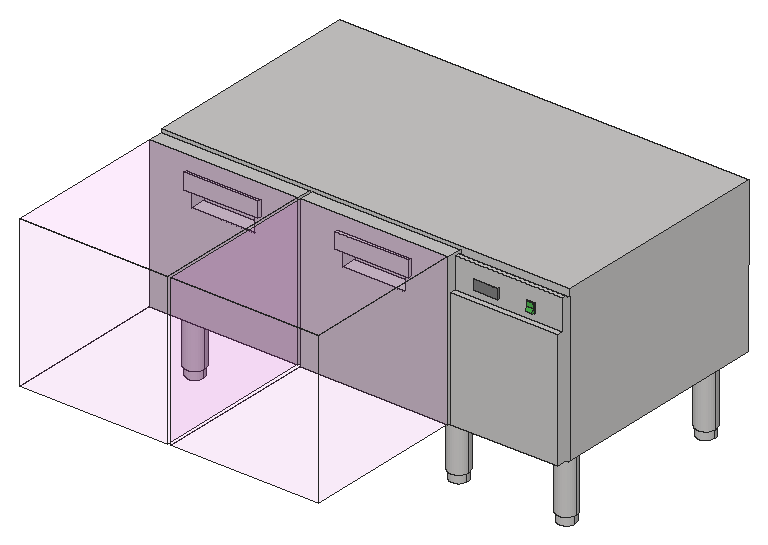
Revit family "QF_ELECTROLUXPROFESSIONAL_371370_E7TTAPCOMIN", category Specialty Equipment, Revit 2018 (continued)
Automatic sketch dimensions
  Split face 149 sketch curve to Split face 149 sketch curve = 4 mm
  Split face 150 sketch curve to Extrusion 4 = 25.004 mm
  Split face 150 sketch curve to Extrusion 4 = 54.499 mm
  Split face 150 sketch curve to Split face 150 sketch curve = 0.02 mm  (x2)
  Split face 150 sketch curve to Extrusion 4 = 22.519 mm
  Split face 150 sketch curve to Split face 150 sketch curve = 4 mm
  Split face 151 sketch curve to Extrusion 4 = 24.901 mm
  Split face 151 sketch curve to Extrusion 4 = 54.499 mm
  Split face 151 sketch curve to Split face 151 sketch curve = 0.02 mm  (x2)
  Split face 151 sketch curve to Extrusion 4 = 22.519 mm
  Split face 151 sketch curve to Split face 151 sketch curve = 4 mm
  plane 4 to Extrusion 8 sketch curve = 1.587 mm
  Extrusion 8 sketch curve to plane 3 "Centro (Sinistra/Destra)" = 156.499 mm
  Extrusion 8 sketch curve to plane 17 = 8.498 mm
  Extrusion 8 sketch curve to plane 5 "TOP" = 9.006 mm
  Split face 152 sketch curve to Extrusion 4 = 20.5 mm
  Split face 152 sketch curve to Split face 152 sketch curve = 0.02 mm  (x2)
  Split face 152 sketch curve to Split face 152 sketch curve = 31.959 mm
  Split face 152 sketch curve to Extrusion 4 = 140.797 mm
  Split face 152 sketch curve to Split face 152 sketch curve = 4 mm
  Split face 153 sketch curve to Extrusion 4 = 20.5 mm
  Split face 153 sketch curve to Split face 153 sketch curve = 0.02 mm  (x2)
  Split face 153 sketch curve to Split face 153 sketch curve = 31.959 mm
  Split face 153 sketch curve to Extrusion 4 = 152.797 mm
  Split face 153 sketch curve to Split face 153 sketch curve = 4 mm
  Split face 154 sketch curve to Extrusion 4 = 20.5 mm
  Split face 154 sketch curve to Split face 154 sketch curve = 0.02 mm  (x2)
  Split face 154 sketch curve to Split face 154 sketch curve = 31.959 mm
  Split face 154 sketch curve to Extrusion 4 = 148.203 mm
  Split face 154 sketch curve to Split face 154 sketch curve = 4 mm
  Split face 155 sketch curve to Extrusion 4 = 65.502 mm
  Split face 155 sketch curve to Split face 155 sketch curve = 0.02 mm  (x2)
  Split face 155 sketch curve to Split face 155 sketch curve = 31.959 mm
  Split face 155 sketch curve to Extrusion 4 = 140.797 mm
  Split face 155 sketch curve to Split face 155 sketch curve = 4 mm
  Split face 156 sketch curve to Extrusion 4 = 65.502 mm
  Split face 156 sketch curve to Split face 156 sketch curve = 0.02 mm  (x2)
  Split face 156 sketch curve to Split face 156 sketch curve = 31.959 mm
  Split face 156 sketch curve to Extrusion 4 = 152.797 mm
  Split face 156 sketch curve to Split face 156 sketch curve = 4 mm
  Split face 157 sketch curve to Extrusion 4 = 65.502 mm
  Split face 157 sketch curve to Split face 157 sketch curve = 0.02 mm  (x2)
  Split face 157 sketch curve to Split face 157 sketch curve = 31.959 mm
  Split face 157 sketch curve to Extrusion 4 = 148.203 mm
  Split face 157 sketch curve to Split face 157 sketch curve = 4 mm
  Split face 158 sketch curve to Extrusion 4 = 110.502 mm
  Split face 158 sketch curve to Split face 158 sketch curve = 0.02 mm  (x2)
  Split face 158 sketch curve to Split face 158 sketch curve = 31.959 mm
  Split face 158 sketch curve to Extrusion 4 = 140.797 mm
  Split face 158 sketch curve to Split face 158 sketch curve = 4 mm
  Split face 159 sketch curve to Extrusion 4 = 110.502 mm
  Split face 159 sketch curve to Split face 159 sketch curve = 0.02 mm  (x2)
  Split face 159 sketch curve to Split face 159 sketch curve = 31.959 mm
  Split face 159 sketch curve to Extrusion 4 = 152.797 mm
  Split face 159 sketch curve to Split face 159 sketch curve = 4 mm
  Split face 160 sketch curve to Extrusion 4 = 110.502 mm
  Split face 160 sketch curve to Split face 160 sketch curve = 0.02 mm  (x2)
  Split face 160 sketch curve to Split face 160 sketch curve = 31.959 mm
  Split face 160 sketch curve to Extrusion 4 = 148.203 mm
  Split face 160 sketch curve to Split face 160 sketch curve = 4 mm
  Split face 161 sketch curve to Extrusion 4 = 155.502 mm
  Split face 161 sketch curve to Split face 161 sketch curve = 0.02 mm  (x2)
  Split face 161 sketch curve to Split face 161 sketch curve = 31.959 mm
  Split face 161 sketch curve to Extrusion 4 = 140.797 mm
  Split face 161 sketch curve to Split face 161 sketch curve = 4 mm
  Split face 162 sketch curve to Extrusion 4 = 155.502 mm
  Split face 162 sketch curve to Split face 162 sketch curve = 0.02 mm  (x2)
  Split face 162 sketch curve to Split face 162 sketch curve = 31.959 mm
  Split face 162 sketch curve to Extrusion 4 = 152.797 mm
  Split face 162 sketch curve to Split face 162 sketch curve = 4 mm
  Split face 163 sketch curve to Extrusion 4 = 155.502 mm
  Split face 163 sketch curve to Split face 163 sketch curve = 0.02 mm  (x2)
  Split face 163 sketch curve to Split face 163 sketch curve = 31.959 mm
  Split face 163 sketch curve to Extrusion 4 = 148.203 mm
  Split face 163 sketch curve to Split face 163 sketch curve = 4 mm
  Split face 164 sketch curve to Extrusion 4 = 144.498 mm
  Split face 164 sketch curve to Split face 164 sketch curve = 0.02 mm  (x2)
  Split face 164 sketch curve to Split face 164 sketch curve = 31.959 mm
  Split face 164 sketch curve to Extrusion 4 = 140.797 mm
  Split face 164 sketch curve to Split face 164 sketch curve = 4 mm
  Split face 165 sketch curve to Extrusion 4 = 144.498 mm
  Split face 165 sketch curve to Split face 165 sketch curve = 0.02 mm  (x2)
  Split face 165 sketch curve to Split face 165 sketch curve = 31.959 mm
  Split face 165 sketch curve to Extrusion 4 = 152.797 mm
  Split face 165 sketch curve to Split face 165 sketch curve = 4 mm
  Split face 166 sketch curve to Extrusion 4 = 144.498 mm
  Split face 166 sketch curve to Split face 166 sketch curve = 0.02 mm  (x2)
  Split face 166 sketch curve to Split face 166 sketch curve = 31.959 mm
  Split face 166 sketch curve to Extrusion 4 = 148.203 mm
  Split face 166 sketch curve to Split face 166 sketch curve = 4 mm
  Split face 167 sketch curve to Extrusion 4 = 99.499 mm
  Split face 167 sketch curve to Split face 167 sketch curve = 0.02 mm  (x2)
  Split face 167 sketch curve to Split face 167 sketch curve = 31.959 mm
  Split face 167 sketch curve to Extrusion 4 = 140.797 mm
  Split face 167 sketch curve to Split face 167 sketch curve = 4 mm
  Split face 168 sketch curve to Extrusion 4 = 99.499 mm
  Split face 168 sketch curve to Split face 168 sketch curve = 0.02 mm  (x2)
  Split face 168 sketch curve to Split face 168 sketch curve = 31.959 mm
  Split face 168 sketch curve to Extrusion 4 = 152.797 mm
  Split face 168 sketch curve to Split face 168 sketch curve = 4 mm
  Split face 169 sketch curve to Extrusion 4 = 99.499 mm
  Split face 169 sketch curve to Split face 169 sketch curve = 0.02 mm  (x2)
  Split face 169 sketch curve to Split face 169 sketch curve = 31.959 mm
  Split face 169 sketch curve to Extrusion 4 = 148.203 mm
  Split face 169 sketch curve to Split face 169 sketch curve = 4 mm
  Split face 170 sketch curve to Extrusion 4 = 54.499 mm
  Split face 170 sketch curve to Split face 170 sketch curve = 0.02 mm  (x2)
  Split face 170 sketch curve to Extrusion 4 = 22.519 mm
  Split face 170 sketch curve to Extrusion 4 = 140.797 mm
  Split face 170 sketch curve to Split face 170 sketch curve = 4 mm
  Split face 171 sketch curve to Extrusion 4 = 54.499 mm
  Split face 171 sketch curve to Split face 171 sketch curve = 0.02 mm  (x2)
  Split face 171 sketch curve to Extrusion 4 = 22.519 mm
  Split face 171 sketch curve to Extrusion 4 = 152.797 mm
  Split face 171 sketch curve to Split face 171 sketch curve = 4 mm
  Split face 172 sketch curve to Extrusion 4 = 54.499 mm
  Split face 172 sketch curve to Split face 172 sketch curve = 0.02 mm  (x2)
  Split face 172 sketch curve to Extrusion 4 = 22.519 mm
  Split face 172 sketch curve to Extrusion 4 = 148.203 mm
  Split face 172 sketch curve to Split face 172 sketch curve = 4 mm
  Extrusion 9 sketch curve to Extrusion 2 = 15 mm  (x2)
  Extrusion 2 to Extrusion 9 sketch curve = 31.031 mm
  Extrusion 9 sketch curve to Extrusion 2 = 13.969 mm
  plane 4 to Extrusion 10 sketch curve = 1.587 mm
  Extrusion 10 sketch curve to plane 17 = 8.498 mm
  Extrusion 10 sketch curve to plane 14 = 75.198 mm
  Extrusion 10 sketch curve to plane 3 "Centro (Sinistra/Destra)" = 32.799 mm
  Extrusion 10 sketch curve to plane 3 "Centro (Sinistra/Destra)" = 156.499 mm
  Extrusion 10 sketch curve to plane 5 "TOP" = 143.294 mm
  Extrusion 10 sketch curve to plane 5 "TOP" = 65 mm
  Extrusion 10 sketch curve to plane 5 "TOP" = 9.006 mm
  Extrusion 11 sketch curve to Extrusion 10 = 15 mm  (x2)
  Extrusion 10 to Extrusion 11 sketch curve = 31.031 mm
  Extrusion 11 sketch curve to Extrusion 10 = 13.969 mm
  Extrusion 1 sketch curve to plane 18 = 0 mm
  Extrusion 1 sketch curve to plane 9 "RIGHT" = 1 mm
  Extrusion 12 sketch curve to plane 20 = 0 mm
  Extrusion 12 sketch curve to plane 21 = 0 mm
  curve 1 to plane 6 "BACK" = 0 mm
  curve 1 to plane 18 = 0 mm
  curve 17 to plane 10 = 0 mm
  curve 15 to plane 18 = 0 mm
  curve 5 to plane 11 = 0 mm
  curve 3 to plane 19 = 0 mm
  curve 13 to plane 3 "Centro (Sinistra/Destra)" = 164.999 mm
  curve 9 to curve 10 = 8.5 mm
  curve 12 to plane 17 = 8.498 mm
  curve 10 to plane 7 "FRONT" = 123 mm
  curve 9 to plane 7 "FRONT" = 123 mm
  curve 13 to curve 9 = 40 mm
  curve 16 to curve 10 = 40 mm
  curve 2 to curve 5 = 20 mm
  curve 6 to curve 9 = 20 mm
  curve 10 to curve 7 = 20 mm
  curve 8 to curve 10 = 20 mm
  radius of Split face 2 sketch curve = 1.2 mm
  radius of Split face 3 sketch curve = 1.2 mm
  radius of Split face 4 sketch curve = 1.2 mm
  radius of Split face 5 sketch curve = 1.2 mm
  radius of Split face 6 sketch curve = 1.2 mm
  radius of Split face 7 sketch curve = 1.2 mm
  radius of Extrusion 12 sketch curve = 6 mm
Nested families
  nested 1: "Foot H200" at (-545, -249, 0), type "Foot H200"
  nested 2: "Foot H200" at (-545, 262, 0), type "Foot H200"
  nested 3: "Foot H200" at (229, -249, 0) x (-1, 0, 0) z (0, 0, 1), type "Foot H200"
  nested 4: "Foot H200" at (229, 262, 0) x (-1, 0, 0) z (0, 0, 1), type "Foot H200"
  nested 5: "Foot H200" at (545, -249, 0) x (-1, 0, 0) z (0, 0, 1), type "Foot H200"
  nested 6: "Foot H200" at (545, 262, 0) x (-1, 0, 0) z (0, 0, 1), type "Foot H200"
  nested 7: "01_Refrigerator" at (350, -150, 0), type "01_Refrigerator"
Connectors
  electrical at (560, 190, 189.987)
    settings: on Extrusion 12, index 1, voltage 0 V, apparent load 0 VA, apparent load phase1 0 VA, apparent load phase2 0 VA, apparent load phase3 0 VA, power factor 1, load classification "Altro", number of poles 1, system type 30, power factor state 1, is connector primary yes, connector utility no, sub classification motor no, connector description "Electrical"
Definition of nested family "Foot H200"
  Reference planes
    plane 1 "Centro (Fronte/Retro)": y = 0
    plane 2: z = 0
    plane 3 "Centro (Sinistra/Destra)": x = 0
    plane 4: z = 200
  Forms (mm)
    Revolve 1, solid
      sketch origin (255.05, 0, 608.09) x (0, 0, 1) y (-1, 0, 0)
        loop
          line (-608.09, 255.05) -> (-608.09, 230.05) -> (-583.09, 230.05) -> (-583.09, 226.05) -> (-408.09, 226.05) -> (-408.09, 255.05) -> (-608.09, 255.05)
        axis (-608.09, 255.05) -> (-408.09, 255.05)
      angle from 0 to 360
  Dimensions and locks
    Revolve 1 sketch curve to Revolve 1 sketch curve = 175 mm
    plane 4 to level = 200 mm
    aligned and locked: level to plane 2
    aligned and locked: plane 4 to Revolve 1 sketch curve
    aligned and locked: Revolve 1 sketch curve to level
    aligned and locked: plane 3 "Centro (Sinistra/Destra)" to Revolve 1 sketch curve
Definition of nested family "01_Refrigerator"
  Reference planes
    plane 1 "Center (Front/Back)": y = 0
    plane 2: z = 0
    plane 3 "Center (Left/Right)": x = 0
  Lines and regions (mm)
    detail lines, in view "Ref. Level"
      curve 1: line (0, -60, 0) -> (0, 60, 0)
      curve 2: line (-51.962, 30, 0) -> (51.962, -30, 0)
      curve 3: line (-51.962, -30, 0) -> (51.962, 30, 0)
      curve 4: line (19.116, 56.873, 0) -> (0, 35, 0)
      curve 5: line (0, 35, 0) -> (-19.116, 56.873, 0)
      curve 6: line (-30.311, 17.5, 0) -> (-40, 45.883, 0)
      curve 7: line (-59.736, 11.7, 0) -> (-30.311, 17.5, 0)
      curve 8: line (-30.311, -17.5, 0) -> (-59.736, -11.7, 0)
      curve 9: line (-40, -45.883, 0) -> (-30.311, -17.5, 0)
      curve 10: line (0, -35, 0) -> (-19.116, -56.873, 0)
      curve 11: line (19.116, -56.873, 0) -> (0, -35, 0)
      curve 12: line (30.311, -17.5, 0) -> (39.696, -44.992, 0)
      curve 13: line (58.812, -11.882, 0) -> (30.311, -17.5, 0)
      curve 14: line (30.311, 17.5, 0) -> (58.812, 11.882, 0)
      curve 15: line (39.696, 44.992, 0) -> (30.311, 17.5, 0)
      curve 16: spline (-200, 0, 0) -> (-193.185, -23.294, 0) -> (-173.205, -45, 0) -> (-141.421, -63.64, 0) -> (-100, -77.942, 0) -> (-51.764, -86.933, 0) -> (0, -90, 0) -> (51.764, -86.933, 0) -> (100, -77.942, 0) -> (141.421, -63.64, 0) -> (173.205, -45, 0) -> (193.185, -23.294, 0) -> (200, 0, 0) -> (193.185, 23.294, 0) -> (173.205, 45, 0) -> (141.421, 63.64, 0) -> (100, 77.942, 0) -> (51.764, 86.933, 0) -> (0, 90, 0) -> (-51.764, 86.933, 0) -> (-100, 77.942, 0) -> (-141.421, 63.64, 0) -> (-173.205, 45, 0) -> (-193.185, 23.294, 0) -> (-200, 0, 0)
Types (2, lengths in mm): name | Volts | URL Manufacturer | URL | Manufacturer | Phase | Model | Item Number | Description | Cycle
  (no name) | 0 V | "" | "" | "" | 0 | "" | "" | "" | 0 Hz
  Standard | 220 V | "http://professional.electrolux.com" | "http://professional.electrolux.com" | "Electrolux Professional" | 1 | "E7TTAPCOMIN" | "371370" | "REFRIGERATED BASE WITH 2 DRAWERS 1200MM-60HZ - R290" | 60 Hz
